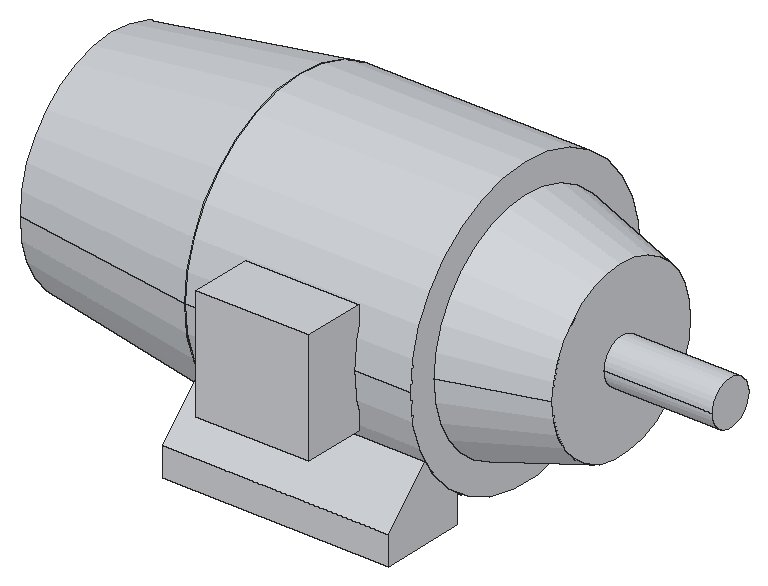
Revit family "32a4eaa1660c49a3af5d78e4f0826510", category Electrical Fixtures, Revit 2021
Family settings
  Maintain Annotation Orientation = Yes
  Round Connector Dimension = Use Diameter
  Part Type = Normal
  OmniClass Number = 23.80.10.21.14
  OmniClass Title = Alternating Current (AC) Motors
  Seek Item ID = Motor-0000-USA-ENU
  Work Plane-Based = No
  Always vertical = Yes
  Cut with Voids When Loaded = No
  Shared = No
  Room Calculation Point = No
Parameters (values of type "Single Phase - 120")
  Width 1 = Base Width * 0.25  # 0' - 3 1/8"
  Voltage = ""
  Radius 2 = Motor Radius * 0.6  # 0' - 3.15"
  Radius 1 = Motor Radius * 0.8  # 0' - 4.2"
  Number of Poles = 3
  Motor Voltage = 460 V
  Motor Radius = 0' - 5 1/4"
  Motor Material = none
  Motor Length = 1' - 10 77/128"
  Load Classification = Motor
  Length 2 = Base Length * 0.25  # 0' - 2 1/16"
  Enclosure [instance] = "Open Dripproof"
  Default Elevation = 0' - 0"
  Axis Length = 0' - 4"
  Length 1 = 0' - 3 1/2"
  Base Length = 0' - 8 1/4"
  Height 1 = Motor Radius * 0.2  # 0' - 1.05"
  Base Width = 1' - 0 1/2"
  Axis Radius = Axis Diameter * 0.5  # 0' - 0 13/16"
  Axis Diameter = 0' - 1 5/8"
  Apparent Load = 8510 VA
Types (5): name | Width 1 | Radius 2 | Radius 1 | Number of Poles | Motor Voltage | Motor Radius | Motor Length | Length 2 | Axis Length | Length 1 | Base Length | Height 1 | Base Width | Axis Radius | Axis Diameter | Apparent Load
  (no name) | 0' - 1 3/4" | 0' - 1.8" | 0' - 2.4" | 1 | 115 V | 0' - 3" | 0' - 9 179/256" | 0' - 0 11/16" | 0' - 1 1/2" | 0' - 2 1/2" | 0' - 2 3/4" | 0' - 0.6" | 0' - 7" | 0' - 0 1/4" | 0' - 0 1/2" | 1012 VA
  Single Phase - 120 | 0' - 1 3/4" | 0' - 1.8" | 0' - 2.4" | 1 | 115 V | 0' - 3" | 0' - 9 179/256" | 0' - 0 11/16" | 0' - 1 1/2" | 0' - 2 1/2" | 0' - 2 3/4" | 0' - 0.6" | 0' - 7" | 0' - 0 1/4" | 0' - 0 1/2" | 1012 VA
  Single Phase - 240 | 0' - 1 3/4" | 0' - 2.1" | 0' - 2.8" | 2 | 230 V | 0' - 3 1/2" | 0' - 9 51/256" | 0' - 0 3/4" | 0' - 1 225/256" | 0' - 2 3/4" | 0' - 3" | 0' - 0.7" | 0' - 7" | 0' - 0 5/16" | 0' - 0 5/8" | 1058 VA
  Three Phase - 208 | 0' - 2 1/4" | 0' - 2.7" | 0' - 3.6" | 3 | 200 V | 0' - 4 1/2" | 1' - 3" | 0' - 1 3/8" | 0' - 2 3/4" | 0' - 2 3/4" | 0' - 5 1/2" | 0' - 0.9" | 0' - 9" | 0' - 0 9/16" | 0' - 1 1/8" | 2960 VA
  Three Phase - 480 | 0' - 3 1/8" | 0' - 3.15" | 0' - 4.2" | 3 | 460 V | 0' - 5 1/4" | 1' - 10 77/128" | 0' - 2 1/16" | 0' - 4" | 0' - 3 1/2" | 0' - 8 1/4" | 0' - 1.05" | 1' - 0 1/2" | 0' - 0 13/16" | 0' - 1 5/8" | 8510 VA
Reference planes (in)
  plane 1 "Center (Front/Back)": y = 0
  plane 2: z = 0
  plane 3 "Center (Left/Right)": x = 0
  plane 4: x = -10.97656
  plane 5: x = 7.625
  plane 6: x = 11.625
  plane 7: z = 5.25
  plane 8: z = 7.3125
  plane 9: z = 3.1875
  plane 10: x = -2.0625
  plane 11: x = 2.0625
  plane 12: y = -7.3125
  plane 13: y = -5.25
  plane 14: y = -5.05
  plane 15: y = 6.25
  plane 16: y = -6.25
  plane 17: z = 1.05
  plane 18: y = 3.125
  plane 19: y = -3.125
  plane 20: through (0, 5.1, 2.2) normal (0, 0.7071, 0.7071)
  plane 21: through (0, -5.1, 2.2) normal (0, 0.7071, -0.7071)
  plane 22: y = 4.2
  plane 23: y = -4.2
  plane 24: x = -4.125
  plane 25: x = 4.125
Forms (in)
  Extrusion 1, solid, material <- "Motor Material"
    sketch origin (0, 0, 0) x (0, 1, 0) y (0, 0, 1)
      loop
        circle (0, 5.25) r 5.25
    from -4.125 to 4.125
  Blend 2, solid, material <- "Motor Material"
    base sketch origin (0, 0, 0) x (0, 1, 0) y (0, 0, 1)
      loop
        circle (0, 5.25) r 4.2
    top sketch origin (0, 0, 0) x (0, 1, 0) y (0, 0, 1)
      loop
        circle (0, 5.25) r 3.15
    from 4.125 to 7.625
  Blend 3, solid, material <- "Motor Material"
    base sketch origin (0, 0, 0) x (0, 1, 0) y (0, 0, 1)
      loop
        circle (0, 5.25) r 4.2
    top sketch origin (0, 0, 0) x (0, 1, 0) y (0, 0, 1)
      loop
        circle (0, 5.25) r 5.25
    from -10.97656 to -4.125
  Extrusion 4, solid, material <- "Motor Material"
    sketch origin (0, 0, 0) x (0, 1, 0) y (0, 0, 1)
      loop
        circle (0, 5.25) r 0.8125
    from 7.625 to 11.625
  Extrusion 5, solid, material <- "Motor Material"
    sketch origin (0, 0, 0) x (1, 0, 0) y (0, 0, 1)
      loop
        line (-2.0625, 7.3125) -> (-2.0625, 3.1875) -> (2.0625, 3.1875) -> (2.0625, 7.3125) -> (-2.0625, 7.3125)
    from 5.05 to 7.3125
  Extrusion 6, solid, material <- "Motor Material"
    sketch origin (0, 0, 0) x (0, 1, 0) y (0, 0, 1)
      loop
        line (3.125, 0) -> (6.25, 0) -> (6.25, 1.05) -> (4.593, 2.707)
        arc (4.593, 2.707) -> (3.9489, 1.79042) -> (3.125, 1.03137) r 5.25
        line (3.125, 1.03137) -> (3.125, 0)
      loop
        line (-6.25, 0) -> (-3.125, 0) -> (-3.125, 1.03137)
        arc (-3.125, 1.03137) -> (-3.9489, 1.79042) -> (-4.593, 2.707) r 5.25
        line (-4.593, 2.707) -> (-6.25, 1.05) -> (-6.25, 0)
    from -4.125 to 4.125
Lines and regions (in)
  symbolic lines, detail levels fine
    curve 1: line (-10.97656, 4.2, 0) -> (-10.97656, -4.2, 0)
    curve 2: line (-4.125, -5.25, 0) -> (-4.125, 5.25, 0)
    curve 3: line (-10.97656, 4.2, 0) -> (-4.125, 5.25, 0)
    curve 4: line (-10.97656, -4.2, 0) -> (-4.125, -5.25, 0)
    curve 5: line (4.125, -5.25, 0) -> (4.125, 5.25, 0)
    curve 6: line (-4.125, 5.25, 0) -> (4.125, 5.25, 0)
    curve 7: line (-4.125, -5.25, 0) -> (4.125, -5.25, 0)
    curve 8: line (7.625, -3.15, 0) -> (7.625, 3.15, 0)
    curve 9: line (7.625, 3.15, 0) -> (4.125, 4.2, 0)
    curve 10: line (7.625, -3.15, 0) -> (4.125, -4.2, 0)
    curve 11: line (11.625, -0.8125, 0) -> (11.625, 0.8125, 0)
    curve 12: line (11.625, 0.8125, 0) -> (7.625, 0.8125, 0)
    curve 13: line (11.625, -0.8125, 0) -> (7.625, -0.8125, 0)
    curve 14: line (-2.0625, -7.3125, 0) -> (2.0625, -7.3125, 0)
    curve 15: line (-2.0625, -7.3125, 0) -> (-2.0625, -5.25, 0)
    curve 16: line (2.0625, -7.3125, 0) -> (2.0625, -5.25, 0)
Dimensions and locks (in)
  "Axis Length": plane 5 to plane 6
  "Motor Length": plane 4 to plane 6
  "Motor Radius": plane 7 to plane 2
  "Length 2": plane 8 to plane 7
  "Length 2": plane 7 to plane 9
  "Length 2": plane 3 "Center (Left/Right)" to plane 10
  "Length 2": plane 11 to plane 3 "Center (Left/Right)"
  "Motor Radius": plane 1 "Center (Front/Back)" to plane 13
  locked: plane 14 to plane 13 at 0.2
  "Length 2": plane 13 to plane 12
  equal spacing: plane 15, plane 1 "Center (Front/Back)", plane 16
  "Base Width": plane 15 to plane 16
  "Height 1": plane 17 to level
  "Width 1": plane 15 to plane 18
  "Width 1": plane 19 to plane 16
  "Radius 1": plane 22 to plane 1 "Center (Front/Back)"
  "Radius 1": plane 23 to plane 1 "Center (Front/Back)"
  equal spacing: plane 24, plane 3 "Center (Left/Right)", plane 25
  "Base Length": plane 24 to plane 25
  "Length 1": plane 25 to plane 5
  "Radius 1": plane 1 "Center (Front/Back)" to curve 1
  "Radius 1": curve 1 to plane 1 "Center (Front/Back)"
  "Motor Radius": plane 1 "Center (Front/Back)" to curve 2
  "Motor Radius": curve 2 to plane 1 "Center (Front/Back)"
  "Motor Radius": plane 1 "Center (Front/Back)" to curve 5
  "Motor Radius": curve 5 to plane 1 "Center (Front/Back)"
  "Radius 2": plane 1 "Center (Front/Back)" to curve 8
  "Radius 2": curve 8 to plane 1 "Center (Front/Back)"
  "Axis Radius": plane 1 "Center (Front/Back)" to curve 11
  "Axis Radius": curve 11 to plane 1 "Center (Front/Back)"
  "Motor Radius": radius of Extrusion 1 sketch curve
  "Radius 1": radius of Blend 2 sketch curve
  "Radius 2": radius of Blend 2 sketch curve
  "Radius 1": radius of Blend 3 sketch curve
  "Motor Radius": radius of Blend 3 sketch curve
  "Axis Radius": radius of Extrusion 4 sketch curve
  locked: plane 20 to plane 17 (angle 135.00°)
  locked: plane 21 to plane 17 (angle 45.00°)
  aligned and locked: plane 7 to Extrusion 1 sketch curve
  aligned and locked: plane 1 "Center (Front/Back)" to Extrusion 1 sketch curve
  aligned and locked: plane 7 to Blend 2 sketch curve  (x2)
  aligned and locked: plane 1 "Center (Front/Back)" to Blend 2 sketch curve  (x2)
  aligned and locked: plane 5 to Blend 2
  aligned and locked: plane 7 to Blend 3 sketch curve  (x2)
  aligned and locked: plane 1 "Center (Front/Back)" to Blend 3 sketch curve  (x2)
  aligned and locked: Blend 3 to plane 4
  aligned and locked: plane 7 to Extrusion 4 sketch curve
  aligned and locked: plane 1 "Center (Front/Back)" to Extrusion 4 sketch curve
  aligned and locked: plane 6 to Extrusion 4
  aligned and locked: Extrusion 4 to plane 5
  aligned and locked: plane 10 to Extrusion 5 sketch curve
  aligned and locked: Extrusion 5 sketch curve to plane 8
  aligned and locked: plane 9 to Extrusion 5 sketch curve
  aligned and locked: Extrusion 5 sketch curve to plane 11
  aligned and locked: Extrusion 5 to plane 14
  aligned and locked: plane 12 to Extrusion 5
  aligned and locked: Extrusion 6 sketch curve to level
  aligned and locked: Extrusion 6 sketch curve to plane 18
  aligned and locked: Extrusion 6 sketch curve to plane 15
  aligned and locked: Extrusion 6 sketch curve to plane 20
  aligned and locked: Extrusion 6 sketch curve to Extrusion 1  (x2)
  aligned and locked: plane 16 to Extrusion 6 sketch curve
  aligned and locked: Extrusion 6 sketch curve to plane 19
  aligned and locked: Extrusion 6 sketch curve to plane 21
  aligned and locked: Extrusion 6 to plane 2
  aligned and locked: plane 24 to Blend 3
  aligned and locked: Extrusion 1 to plane 24
  aligned and locked: Extrusion 6 to plane 24
  aligned and locked: plane 24 to Extrusion 6
  aligned and locked: plane 25 to Extrusion 1
  aligned and locked: Blend 2 to plane 25
  aligned and locked: plane 25 to Extrusion 6
  aligned and locked: Extrusion 6 to plane 25
  aligned and locked: Blend 3 to curve 1
  aligned and locked: curve 2 to Blend 3
  aligned and locked: curve 5 to Extrusion 1
  aligned and locked: curve 8 to Blend 2
  aligned and locked: plane 23 to curve 10
  aligned and locked: plane 22 to curve 9
  aligned and locked: plane 25 to curve 10
  aligned and locked: curve 11 to Extrusion 4
  aligned and locked: Extrusion 4 to curve 12
  aligned and locked: curve 14 to Extrusion 5
  aligned and locked: plane 12 to curve 14
  aligned and locked: curve 15 to Extrusion 5
  aligned and locked: curve 16 to Extrusion 5
  aligned and locked: plane 1 "Center (Front/Back)" to nested 1
  aligned and locked: plane 3 "Center (Left/Right)" to nested 1
Automatic sketch dimensions
  Extrusion 6 sketch curve to level = 0' - 0"
Nested families (in)
  nested 1: "Motor Annotation" at (0, 0, 0), type "Motor Annotation", detail levels coarse+medium
Connectors (in)
  electrical at (0, -6.18125, 3.1875), driven by "Motor Voltage", driven by "Number of Poles", driven by "Apparent Load", driven by "Load Classification"
    settings: on Extrusion 5, index 1, voltage 460 V, apparent load 8510 VA, apparent load phase1 0 VA, apparent load phase2 0 VA, apparent load phase3 0 VA, power factor 1, load classification "Motor", number of poles 3, system type 30, power factor state 1, is connector primary yes, connector utility no, sub classification motor no, connector description ""
Definition of nested family "Motor Annotation"
  Parameters
    Label Annotation = "AIM"
  Reference planes (in)
    plane 1: y = 0
    plane 2: x = 0
  Lines and regions (in)
    detail lines
      curve 1: circle (0, 0, 0) r 0.125 normal (0, 0, 1)
      curve 2: circle (0, 0, 0) r 0.04688 normal (0, 0, 1)
      curve 3: line (-0.03541, 0.03072, 0) -> (0.04891, 0.11503, 0)
      curve 4: line (0.03541, -0.03072, 0) -> (-0.04891, -0.11503, 0)
  Dimensions and locks (in)
    radius of curve 1 = 0' - 0 1/8"
    radius of curve 2 = 0' - 0 3/64"
    aligned and locked: plane 1 to curve 1
    aligned and locked: plane 2 to curve 1
    aligned and locked: plane 1 to curve 2
    aligned and locked: plane 2 to curve 2
